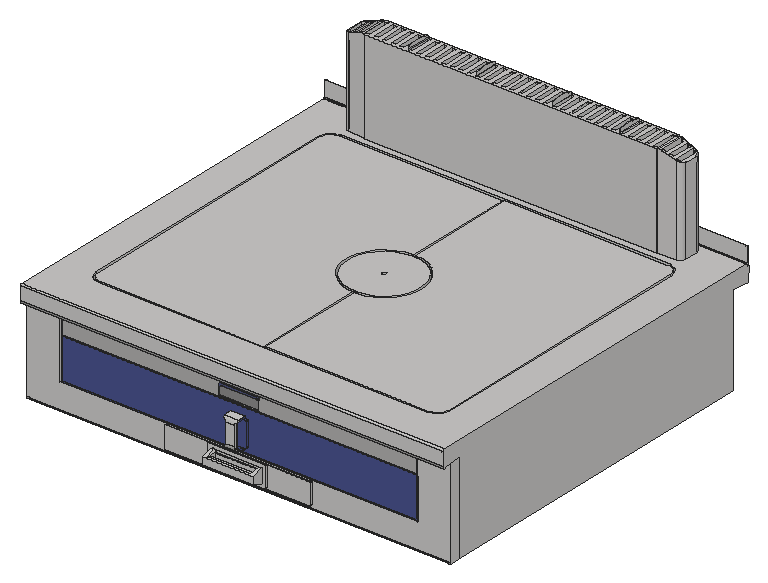
Revit family "QF_ELECTROLUXPROFESSIONAL_593338_MCKDEADDVO", category Specialty Equipment, Revit 2018 (continued)
Definition of nested family "GG_900_Backsplash for 800 fryer"
  Automatic sketch dimensions
    Extrusion 41 sketch curve to Extrusion 41 sketch curve = 0.001 mm  (x4)
    Extrusion 41 sketch curve to Extrusion 41 sketch curve = 2.392 mm
    Extrusion 42 sketch curve to Extrusion 42 sketch curve = 0 mm  (x3)
    Extrusion 42 sketch curve to plane 3 "Center (Left/Right)" = 87.373 mm
    Extrusion 42 sketch curve to Extrusion 42 sketch curve = 1 mm  (x2)
    Extrusion 42 sketch curve to Extrusion 42 sketch curve = 0.732 mm
    level to Extrusion 42 sketch curve = 1106.571 mm
    plane 6 to Extrusion 43 sketch curve = 26.484 mm
    Extrusion 43 sketch curve to Extrusion 43 sketch curve = 3.168 mm
    Extrusion 43 sketch curve to Extrusion 43 sketch curve = 0.003 mm
    Extrusion 43 sketch curve to Extrusion 43 sketch curve = 0.832 mm
    Extrusion 43 sketch curve to Extrusion 43 sketch curve = 11.257 mm
    Extrusion 43 sketch curve to Extrusion 43 sketch curve = 0 mm  (x2)
    Extrusion 43 sketch curve to plane 6 = 0.419 mm
    Extrusion 43 sketch curve to plane 6 = 12.894 mm
    Extrusion 43 sketch curve to Extrusion 43 sketch curve = 10.482 mm
    Extrusion 43 sketch curve to Extrusion 43 sketch curve = 0.775 mm
    Extrusion 43 sketch curve to Extrusion 43 sketch curve = 0.056 mm
    Extrusion 43 sketch curve to Extrusion 43 sketch curve = 4 mm
    level to Extrusion 43 sketch curve = 1058.216 mm
    Extrusion 43 sketch curve to Extrusion 43 sketch curve = 49.354 mm
    Extrusion 43 sketch curve to Extrusion 43 sketch curve = 3.029 mm  (x2)
    Extrusion 43 sketch curve to Extrusion 43 sketch curve = 0.001 mm  (x4)
    Extrusion 43 sketch curve to Extrusion 43 sketch curve = 2.392 mm
    Extrusion 44 sketch curve to Extrusion 44 sketch curve = 0 mm  (x3)
    Extrusion 44 sketch curve to plane 5 = 145 mm
    Extrusion 44 sketch curve to Extrusion 44 sketch curve = 1 mm  (x2)
    Extrusion 44 sketch curve to Extrusion 44 sketch curve = 0.732 mm
    level to Extrusion 44 sketch curve = 1107.571 mm
    plane 6 to Extrusion 45 sketch curve = 26.484 mm
    Extrusion 45 sketch curve to Extrusion 45 sketch curve = 3.168 mm
    Extrusion 45 sketch curve to Extrusion 45 sketch curve = 0.003 mm
    Extrusion 45 sketch curve to Extrusion 45 sketch curve = 0.832 mm
    Extrusion 45 sketch curve to Extrusion 45 sketch curve = 11.257 mm
    Extrusion 45 sketch curve to Extrusion 45 sketch curve = 0 mm  (x2)
    Extrusion 45 sketch curve to plane 6 = 0.419 mm
    Extrusion 45 sketch curve to plane 6 = 12.894 mm
    Extrusion 45 sketch curve to Extrusion 45 sketch curve = 10.482 mm
    Extrusion 45 sketch curve to Extrusion 45 sketch curve = 0.775 mm
    Extrusion 45 sketch curve to Extrusion 45 sketch curve = 0.056 mm
    Extrusion 45 sketch curve to Extrusion 45 sketch curve = 4 mm
    level to Extrusion 45 sketch curve = 1058.216 mm
    Extrusion 45 sketch curve to Extrusion 45 sketch curve = 49.354 mm
    Extrusion 45 sketch curve to Extrusion 45 sketch curve = 3.029 mm  (x2)
    Extrusion 45 sketch curve to Extrusion 45 sketch curve = 0.001 mm  (x4)
    Extrusion 45 sketch curve to Extrusion 45 sketch curve = 2.392 mm
    Extrusion 46 sketch curve to Extrusion 46 sketch curve = 0 mm  (x3)
    plane 3 "Center (Left/Right)" to Extrusion 46 sketch curve = 94.792 mm
    Extrusion 46 sketch curve to Extrusion 46 sketch curve = 1 mm  (x2)
    Extrusion 46 sketch curve to Extrusion 46 sketch curve = 0.732 mm
    level to Extrusion 46 sketch curve = 1107.571 mm
    curve 15 to plane 5 = 0 mm
    plane 6 to curve 6 = 32.954 mm
    curve 17 to plane 4 = 0 mm
    plane 4 to curve 16 = 0.886 mm
    plane 4 to curve 2 = 11.608 mm
    plane 4 to curve 7 = 11.608 mm
    curve 5 to curve 6 = 58.231 mm
    plane 1 "Center (Front/Back)" to curve 1 = 5.039 mm
    curve 3 to curve 1 = 58.231 mm
    curve 8 to plane 5 = 70.951 mm
    curve 1 to curve 6 = 0 mm
    curve 12 to plane 5 = 12.72 mm
    curve 8 to plane 5 = 12.72 mm
    curve 15 to plane 5 = 1.998 mm
    curve 14 to curve 9 = 1.998 mm
    plane 4 to curve 17 = 0.886 mm
    curve 3 to curve 3 = 11.746 mm
    curve 5 to curve 5 = 11.746 mm
    curve 11 to curve 11 = 11.746 mm
    curve 10 to curve 10 = 11.746 mm
    plane 6 to curve 7 = 27.86 mm
    plane 6 to curve 8 = 27.86 mm
    plane 6 to curve 15 = 15.407 mm
    curve 14 to plane 6 = 15.407 mm
    curve 4 to plane 6 = 15.407 mm
    plane 1 "Center (Front/Back)" to curve 2 = 10.134 mm
    plane 1 "Center (Front/Back)" to curve 12 = 10.134 mm
    plane 6 to curve 17 = 15.407 mm
